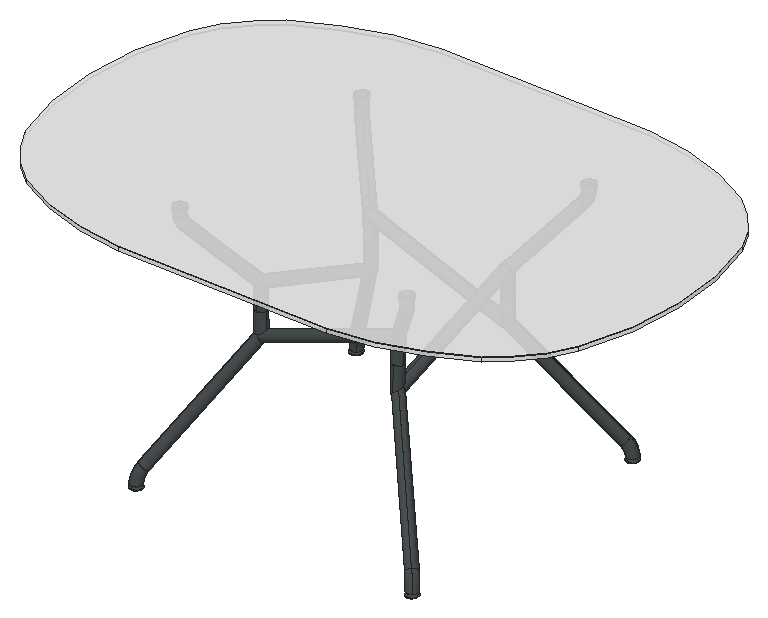
Revit family "Haworth_Branch_Table_Rectangle", category Furniture, Revit 2018
Family settings
  OmniClass Number = 23.40.70.14.64.21
  OmniClass Title = Systems Furniture
  Work Plane-Based = No
  Always vertical = Yes
  Cut with Voids When Loaded = No
  Shared = No
  Room Calculation Point = No
Parameters (values of type "HCCE-BRRG - 47d 67w")
  Warranty = "http://www.haworth.com/resources/product-info/warranties"
  URL - Product = "https://www.haworth.com/na/en/products/collaborative-conference/branch.html"
  Top Finish [instance] = Haworth _ Glass _ Frosted
  Model = "HCCE-BRRG"
  URL = "http://www.haworth.com/our-brands/haworth-collection"
  Size = "Verify Final Dim. w/ Haworth"  # constant formula
  Revision Number = "4"  # constant formula
  Standard Height = "29 in."  # constant formula
  Manufacturer = "Haworth"  # constant formula
  Description = "Haworth Branch Table Rectangle - 47d 67w"
  Base Finish [instance] = Haworth _ Paint _ Collection Anthracite
  Author = "Haworth (Hampton)"  # constant formula
  Assembly Code = "E2020200"
  Actual Width = 67"  # constant formula
  Actual Height = 28 1/2"  # constant formula
  Table Thickness = 1/2"  # constant formula
  Actual Depth = 47"  # constant formula
Reference planes (in)
  plane 1 "Center F/B": y = -0.15866
  plane 2 "Floor": z = 0
  plane 3 "Center L/R": x = 0
  plane 4 "Table Edge Left": x = -33.5
  plane 5 "Table Edge Right": x = 33.5
  plane 6 "Table Edge Back": y = -23.65866
  plane 7 "Table Edge Front": y = 23.34134
  plane 8 "Table Bottom": z = 28.5
  plane 9 "Table Top Top": z = 29
Forms (in)
  Extrusion 1, solid, material "Haworth _ Glass _ Frosted" <- "Top Finish"
    sketch origin (0, 0, 0) x (1, 0, 0) y (0, 1, 0)
      loop
        arc (11.84687, 22.8563) -> (-0.00018, 23.46339) -> (-11.84723, 22.85628) r 115.89617
        arc (-11.84723, 22.85628) -> (-19.1374, 21.46479) -> (-25.86547, 18.33179) r 30.10011
        arc (-25.86547, 18.33179) -> (-29.14411, 15.30417) -> (-31.45541, 11.48661) r 15.94674
        arc (-31.45541, 11.48661) -> (-33.49849, -0.15866) -> (-31.45541, -11.80393) r 34.20985
        arc (-31.45541, -11.80393) -> (-29.14411, -15.62149) -> (-25.86547, -18.64911) r 15.94674
        arc (-25.86547, -18.64911) -> (-19.1374, -21.78211) -> (-11.84723, -23.1736) r 30.10011
        arc (-11.84723, -23.1736) -> (0, -23.78071) -> (11.84723, -23.1736) r 115.89745
        arc (11.84723, -23.1736) -> (19.1374, -21.78211) -> (25.86547, -18.64911) r 30.10011
        arc (25.86547, -18.64911) -> (29.14411, -15.62149) -> (31.45541, -11.80393) r 15.94674
        arc (31.45541, -11.80393) -> (33.49849, -0.15866) -> (31.45541, 11.48661) r 34.20985
        arc (31.45541, 11.48661) -> (29.14411, 15.30417) -> (25.86547, 18.33179) r 15.94674
        arc (25.86547, 18.33179) -> (19.13723, 21.46485) -> (11.84687, 22.8563) r 30.10011
    from 28.5 to 29
Lines and regions (in)
  Masking region 1
    outline origin (0, 0, 0) x (1, 0, 0) y (0, 1, 0)
      loop
        arc (25.86547, 18.33179) -> (19.13723, 21.46485) -> (11.84687, 22.8563) r 30.10011
        arc (11.84687, 22.8563) -> (-0.00018, 23.46339) -> (-11.84723, 22.85628) r 115.89617
        arc (-11.84723, 22.85628) -> (-19.1374, 21.46479) -> (-25.86547, 18.33179) r 30.10011
        arc (-25.86547, 18.33179) -> (-29.14411, 15.30417) -> (-31.45541, 11.48661) r 15.94674
        arc (-31.45541, 11.48661) -> (-33.49849, -0.15866) -> (-31.45541, -11.80393) r 34.20985
        arc (-31.45541, -11.80393) -> (-29.14411, -15.62149) -> (-25.86547, -18.64911) r 15.94674
        arc (-25.86547, -18.64911) -> (-19.1374, -21.78211) -> (-11.84723, -23.1736) r 30.10011
        arc (-11.84723, -23.1736) -> (0, -23.78071) -> (11.84723, -23.1736) r 115.89745
        arc (11.84723, -23.1736) -> (19.1374, -21.78211) -> (25.86547, -18.64911) r 30.10011
        arc (25.86547, -18.64911) -> (29.14411, -15.62149) -> (31.45541, -11.80393) r 15.94674
        arc (31.45541, -11.80393) -> (33.49849, -0.15866) -> (31.45541, 11.48661) r 34.20985
        arc (31.45541, 11.48661) -> (29.14411, 15.30417) -> (25.86547, 18.33179) r 15.94674
Dimensions and locks (in)
  "Actual Depth": plane 7 "Table Edge Front" to plane 6 "Table Edge Back"
  "Actual Width": plane 4 "Table Edge Left" to plane 5 "Table Edge Right"
  equal spacing: plane 4 "Table Edge Left", plane 3 "Center L/R", plane 5 "Table Edge Right"
  equal spacing: plane 7 "Table Edge Front", plane 1 "Center F/B", plane 6 "Table Edge Back"
  "Actual Height": plane 8 "Table Bottom" to level
  "Table Thickness": plane 9 "Table Top Top" to plane 8 "Table Bottom"
  aligned and locked: plane 3 "Center L/R" to nested 1
  aligned and locked: plane 1 "Center F/B" to nested 1
  aligned and locked: plane 9 "Table Top Top" to Extrusion 1
  aligned and locked: plane 8 "Table Bottom" to Extrusion 1
Automatic sketch dimensions
  Extrusion 1 sketch curve to plane 7 "Table Edge Front" = 0.48506"
  Extrusion 1 sketch curve to plane 3 "Center L/R" = 11.84723"  (x2)
  Extrusion 1 sketch curve to plane 3 "Center L/R" = 0.00007"
  plane 3 "Center L/R" to Extrusion 1 sketch curve = 9.892"
  Extrusion 1 sketch curve to plane 7 "Table Edge Front" = 0.48504"
  Extrusion 1 sketch curve to plane 7 "Table Edge Front" = 5.00955"  (x2)
  Extrusion 1 sketch curve to Extrusion 1 sketch curve = 14.0186"
  Extrusion 1 sketch curve to plane 6 "Table Edge Back" = 68.77412"
  Extrusion 1 sketch curve to plane 1 "Center F/B" = 5.37628"  (x2)
  Extrusion 1 sketch curve to Extrusion 1 sketch curve = 6.90059"  (x4)
  Extrusion 1 sketch curve to plane 5 "Table Edge Right" = 2.04459"  (x2)
  Extrusion 1 sketch curve to plane 1 "Center F/B" = 0"  (x2)
  Extrusion 1 sketch curve to plane 3 "Center L/R" = 0.71136"
  plane 6 "Table Edge Back" to Extrusion 1 sketch curve = 5.00955"
  Extrusion 1 sketch curve to plane 5 "Table Edge Right" = 7.63453"
  plane 6 "Table Edge Back" to Extrusion 1 sketch curve = 0.48506"
  plane 3 "Center L/R" to Extrusion 1 sketch curve = 11.84723"
  plane 3 "Center L/R" to Extrusion 1 sketch curve = 0"
  plane 7 "Table Edge Front" to Extrusion 1 sketch curve = 68.7754"
  plane 4 "Table Edge Left" to Extrusion 1 sketch curve = 7.63453"  (x2)
  Extrusion 1 sketch curve to plane 3 "Center L/R" = 9.892"
  Extrusion 1 sketch curve to Extrusion 1 sketch curve = 4.52449"
  plane 4 "Table Edge Left" to Extrusion 1 sketch curve = 2.04459"  (x2)
  plane 1 "Center F/B" to Extrusion 1 sketch curve = 5.37628"
  plane 3 "Center L/R" to Extrusion 1 sketch curve = 0.71136"
  plane 1 "Center F/B" to Extrusion 1 sketch curve = 7.0216"
  plane 3 "Center L/R" to Masking region 1 sketch curve = 9.89199"
  Masking region 1 sketch curve to plane 7 "Table Edge Front" = 0.48504"
  plane 3 "Center L/R" to Masking region 1 sketch curve = 11.84687"
  Masking region 1 sketch curve to plane 1 "Center F/B" = 5.37628"  (x2)
  Masking region 1 sketch curve to Masking region 1 sketch curve = 6.90059"  (x4)
  Masking region 1 sketch curve to plane 7 "Table Edge Front" = 5.00955"  (x2)
  Masking region 1 sketch curve to Masking region 1 sketch curve = 14.0186"
  Masking region 1 sketch curve to plane 5 "Table Edge Right" = 2.04459"  (x2)
  plane 1 "Center F/B" to Masking region 1 sketch curve = 0"  (x2)
  Masking region 1 sketch curve to plane 3 "Center L/R" = 0.71136"
  plane 6 "Table Edge Back" to Masking region 1 sketch curve = 5.00955"
  Masking region 1 sketch curve to plane 5 "Table Edge Right" = 7.63453"
  plane 6 "Table Edge Back" to Masking region 1 sketch curve = 0.48506"
  plane 3 "Center L/R" to Masking region 1 sketch curve = 11.84723"
  Masking region 1 sketch curve to plane 3 "Center L/R" = 11.84723"  (x2)
  Masking region 1 sketch curve to plane 3 "Center L/R" = 0"
  plane 7 "Table Edge Front" to Masking region 1 sketch curve = 68.7754"
  plane 4 "Table Edge Left" to Masking region 1 sketch curve = 7.63453"  (x2)
  Masking region 1 sketch curve to plane 3 "Center L/R" = 9.892"
  Masking region 1 sketch curve to Masking region 1 sketch curve = 4.52449"
  plane 4 "Table Edge Left" to Masking region 1 sketch curve = 2.04459"  (x2)
  plane 1 "Center F/B" to Masking region 1 sketch curve = 5.37628"
  plane 3 "Center L/R" to Masking region 1 sketch curve = 0.71136"
  Masking region 1 sketch curve to plane 7 "Table Edge Front" = 0.48506"
  plane 1 "Center F/B" to Masking region 1 sketch curve = 7.0216"
  Masking region 1 sketch curve to plane 6 "Table Edge Back" = 68.77412"
Nested families (in)
  nested 1: "Haworth_Branch-Table-Leg4-Part" at (0, 0, 0), type "Base"
Definition of nested family "Haworth_Branch-Table-Leg4-Part"
  Parameters
    Warranty = "http://haworthcollection.com/hc/about-us/certifications-warranties"
    Sustainability Info = "www.haworth.com/en-us/About-Us/Sustainability/Pages/Vision.aspx"
    Support Location Offset = 7 203/256"  # constant formula
    Support Finish = none
    Product Page URL = "http://haworthcollection.com/hc/products/tables-conference/branch"
    Model = "Haworth_Branch-Table-Leg4-Part"  # constant formula
    URL = "http://haworthcollection.com/"
    Support Height = 28 1/2"  # constant formula
    Size = "Verify Final Dim. w/ Haworth"  # constant formula
    Revision Number = "1"  # constant formula
    Manufacturer = "Haworth"  # constant formula
    Description = "Haworth_Branch-Table-Leg4-Part"
    Author = "Haworth (Hampton)"  # constant formula
    Assembly Code = "E2020200"
    Actual Width = 63"  # constant formula
    Actual Height = 28 3/4"  # constant formula
    Actual Depth = Actual Width  # 63"
  Reference planes (in)
    plane 1 "Center F/B": y = -0.15866
    plane 2 "Floor": z = 0
    plane 3 "Center L/R": x = 0
    plane 4 "Table Edge Left": x = -31.5
    plane 5 "Table Edge Right": x = 31.5
    plane 6 "Table Edge Back": y = -31.61893
    plane 7 "Table Edge Front": y = 31.38107
    plane 8 "Table Bottom": z = 28.75
    plane 9 "Diagonal LR": through (0, -0.15866, 48) normal (-0.7071, 0.7071, 0)
    plane 10 "Diagonal RL": through (0, -0.15866, 48) normal (-0.7071, -0.7071, 0)
    plane 11 "Support Back": y = 7.63431
    plane 12 "Support Front": y = -7.95163
    plane 13 "Support Left": x = -7.79297
    plane 14 "Support Right": x = 7.79297
  Dimensions and locks (in)
    "Actual Depth": plane 7 "Table Edge Front" to plane 6 "Table Edge Back"
    "Actual Width": plane 4 "Table Edge Left" to plane 5 "Table Edge Right"
    equal spacing: plane 4 "Table Edge Left", plane 3 "Center L/R", plane 5 "Table Edge Right"
    plane 7 "Table Edge Front" to plane 1 "Center F/B" to plane 6 "Table Edge Back" = 31.53973", 31.46027"
    "Actual Height": plane 8 "Table Bottom" to level
    "Support Location Offset": plane 13 "Support Left" to plane 3 "Center L/R"
    "Support Location Offset": plane 3 "Center L/R" to plane 14 "Support Right"
    "Support Location Offset": plane 11 "Support Back" to plane 1 "Center F/B"
    "Support Location Offset": plane 12 "Support Front" to plane 1 "Center F/B"
    aligned and locked: nested 1 to plane 14 "Support Right"
    aligned and locked: nested 2 to plane 12 "Support Front"
    aligned and locked: nested 2 to plane 14 "Support Right"
    aligned and locked: plane 14 "Support Right" to nested 3
    aligned and locked: plane 11 "Support Back" to nested 3
    aligned and locked: nested 4 to plane 13 "Support Left"
    aligned and locked: plane 12 "Support Front" to nested 4
  Nested families (in)
    nested 1: "Haworth_Branch-Table-Leg-Part" at (-7.79231, -7.79297, 0), type "Haworth_Branch-Table-Leg-Part"
    nested 2: "Haworth_Branch-Table-Leg-Part" at (7.63431, -7.95163, 0) x (0, 1, 0) z (0, 0, 1), type "Haworth_Branch-Table-Leg-Part"
    nested 3: "Haworth_Branch-Table-Leg-Part" at (7.79297, 7.47565, 0) x (-1, 0, 0) z (0, 0, 1), type "Haworth_Branch-Table-Leg-Part"
    nested 4: "Haworth_Branch-Table-Leg-Part" at (-7.63431, 7.63365, 0) x (0, -1, 0) z (0, 0, 1), type "Haworth_Branch-Table-Leg-Part"
  Definition of nested family "Haworth_Branch-Table-Leg-Part"
    Parameters
      Warranty = "http://haworthcollection.com/hc/about-us/certifications-warranties"
      Support Location_Front_Back = 2 25/32"  # constant formula
      Support Location Offset = 5 3/4"  # constant formula
      Support Finish = none
      Model = "Haworth_Branch-Table-Leg-Part"  # constant formula
      URL = "http://haworthcollection.com/"
      Support Height = 17 59/128"  # constant formula
      Size = "Verify Final Dim. w/ Haworth"  # constant formula
      Revision Number = "1"  # constant formula
      Standard Height = "29 in."  # constant formula
      Manufacturer = "Haworth"  # constant formula
      Description = "Haworth_Branch-Table-Leg-Part"
      Author = "Haworth (Hampton)"  # constant formula
      Assembly Code = "E2020200"
      Actual Width = 28 39/64"  # constant formula
      Actual Height = 28 129/256"  # constant formula
      Actual Depth = 7 119/128"  # constant formula
    Reference planes (in)
      plane 1 "Center F/B": y = -0.15866
      plane 2 "Floor": z = 0
      plane 3 "Support Left Middle": x = 0
      plane 4 "Left Bottom": y = -8.08835
      plane 5 "Right Bottom": y = -5.3071
      plane 6 "Support Right Middle": x = 15.58527
      plane 7 "Table Top Bottom": z = 28.50391
      plane 8 "Support Middle Attach": z = 17.46094
      plane 9 "Support Left Bottom": x = -7.88227
      plane 10 "Support Right Top": x = 20.7271
      plane 11 "Bottom Angel": through (0, -0.15866, 48) normal (0.7092, -0.705, 0)
      plane 12 "Top Angel": through (15.58527, -0.15866, 48) normal (0.7076, 0.7067, 0)
      plane 13 "Support Left Middle Bottom": z = 14.40936
      plane 14 "Support Right Middle Top": z = 20.4749
    Forms (in)
      Revolve 1, solid, material <- "Support Finish"
        sketch origin (-7.88227, 0, 0) x (0, 1, 0) y (0, 0, 1)
          loop
            line (-8.08835, 0) -> (-8.08835, 0.39369) -> (-8.58706, 0.39369) -> (-8.63046, 0.3633) -> (-8.76782, 0.02333) -> (-8.74449, 0) -> (-8.08835, 0)
          axis (-8.08835, 0.39369) -> (-8.08835, 0)
        angle from 0 to 360
      Revolve 2, solid, material <- "Support Finish"
        sketch origin (20.7271, 0, 0) x (0, 1, 0) y (0, 0, 1)
          loop
            line (-5.3071, 28.50391) -> (-5.96353, 28.50391) -> (-6.02112, 28.44632) -> (-5.94538, 27.58054) -> (-5.92842, 27.55116) -> (-5.3071, 27.55116) -> (-5.3071, 28.50391)
          axis (-5.3071, 28.50391) -> (-5.3071, 27.55116)
        angle from 0 to 360
      Sweep 3, solid, material <- "Support Finish"
        path origin (0.07933, -0.07885, 0) x (0.704983, 0.709224, 0) y (0, 0, 1)
          loop
            line (0.02251, 14.92599) -> (-10.59575, 2.11742)
            arc (-10.59575, 2.11742) -> (-11.07813, 1.30963) -> (-11.29321, 0.39369) r 3.06996
        profile origin (-3.64765, -3.82825, 8.5217) x (0.542739, 0.546004, -0.638212) y (0.709224, -0.704983, 0)
          loop
            circle (0, 0) r 0.625
      Sweep 4, solid, material <- "Support Finish"
        path origin (7.72322, 7.7134, 0) x (-0.706657, 0.707556, 0) y (0, 0, 1)
          loop
            line (-11.10701, 20.16514) -> (-17.92049, 26.51881)
            arc (-17.92049, 26.51881) -> (-18.25938, 26.98819) -> (-18.3944, 27.55116) r 1.49411
        profile origin (17.97946, -2.55589, 23.34197) x (0.481939, -0.482552, -0.731354) y (0.707556, 0.706657, 0)
          loop
            circle (0, 0) r 0.625
      Sweep 5, solid, material <- "Support Finish"
        path origin (0, -0.15866, 0) x (1, 0, 0) y (0, 0, 1)
          loop
            line (0.11904, 14.74789) -> (15.89148, 20.38637)
        profile origin (8.00526, -0.15866, 17.56713) x (-0.336626, 0, 0.941638) y (0, -1, 0)
          loop
            circle (0, 0) r 0.625
      Blend 6, solid, material <- "Support Finish"
        base sketch origin (0, 0, 14.40936) x (-1, 0, 0) y (0, -1, 0)
          loop
            spline (0.75, 0.15866) -> (0.72444, 0.28807) -> (0.64952, 0.40866) -> (0.53033, 0.51221) -> (0.375, 0.59167) -> (0.19411, 0.64162) -> (0, 0.65866) -> (-0.19411, 0.64162) -> (-0.375, 0.59167) -> (-0.53033, 0.51221) -> (-0.64952, 0.40866) -> (-0.72444, 0.28807) -> (-0.75, 0.15866)
            spline (-0.75, 0.15866) -> (-0.72444, 0.02925) -> (-0.64952, -0.09134) -> (-0.53033, -0.19489) -> (-0.375, -0.27435) -> (-0.19411, -0.3243) -> (0, -0.34134) -> (0.19411, -0.3243) -> (0.375, -0.27435) -> (0.53033, -0.19489) -> (0.64952, -0.09134) -> (0.72444, 0.02925) -> (0.75, 0.15866)
        top sketch origin (0, 0, 14.40936) x (-1, 0, 0) y (0, -1, 0)
          loop
            circle (0, 0.15866) r 0.625
        from 0 to 3.05157
      Blend 7, solid, material <- "Support Finish"
        base sketch origin (0, 0, 0) x (1, 0, 0) y (0, 1, 0)
          loop
            circle (15.58527, -0.15866) r 0.625
        top sketch origin (0, 0, 0) x (1, 0, 0) y (0, 1, 0)
          loop
            spline (16.33527, -0.15866) -> (16.30972, -0.02925) -> (16.23479, 0.09134) -> (16.1156, 0.19489) -> (15.96027, 0.27435) -> (15.77939, 0.3243) -> (15.58527, 0.34134) -> (15.39116, 0.3243) -> (15.21027, 0.27435) -> (15.05494, 0.19489) -> (14.93576, 0.09134) -> (14.86083, -0.02925) -> (14.83527, -0.15866)
            spline (14.83527, -0.15866) -> (14.86083, -0.28807) -> (14.93576, -0.40866) -> (15.05494, -0.51221) -> (15.21027, -0.59167) -> (15.39116, -0.64162) -> (15.58527, -0.65866) -> (15.77939, -0.64162) -> (15.96027, -0.59167) -> (16.1156, -0.51221) -> (16.23479, -0.40866) -> (16.30972, -0.28807) -> (16.33527, -0.15866)
        from 17.46094 to 20.4749
    Cuts and joins
      joined: Sweep 3, Sweep 4, Sweep 5, Blend 6, Blend 7
    Lines and regions (in)
      symbolic lines, detail levels medium+fine
        curve 1: spline (-8.32151, -8.53023, 14.40936) -> (-8.42127, -8.40113, 14.40936) -> (-8.48429, -8.25071, 14.40936) -> (-8.50628, -8.08922, 14.40936) -> (-8.48573, -7.92767, 14.40936) -> (-8.42406, -7.77706, 14.40936) -> (-8.32546, -7.64766, 14.40936) -> (-8.19666, -7.54828, 14.40936) -> (-8.04642, -7.48571, 14.40936) -> (-7.88499, -7.4642, 14.40936) -> (-7.72337, -7.48522, 14.40936) -> (-7.57258, -7.54733, 14.40936) -> (-7.44288, -7.64631, 14.40936)
        curve 2: spline (-7.44288, -7.64631, 14.40936) -> (-7.34313, -7.77541, 14.40936) -> (-7.28011, -7.92583, 14.40936) -> (-7.25812, -8.08732, 14.40936) -> (-7.27866, -8.24888, 14.40936) -> (-7.34033, -8.39949, 14.40936) -> (-7.43893, -8.52889, 14.40936) -> (-7.56774, -8.62826, 14.40936) -> (-7.71798, -8.69083, 14.40936) -> (-7.8794, -8.71234, 14.40936) -> (-8.04102, -8.69133, 14.40936) -> (-8.19182, -8.62921, 14.40936) -> (-8.32151, -8.53023, 14.40936)
        curve 3: arc (0.625, -0.15866, 14.40936) -> (0, 0.46634, 14.40936) -> (-0.625, -0.15866, 14.40936) r 0.625
        curve 4: arc (-0.625, -0.15866, 14.40936) -> (0, -0.78366, 14.40936) -> (0.625, -0.15866, 14.40936) r 0.625
        curve 5: arc (14.96027, -0.15866, 14.40936) -> (15.58527, 0.46634, 14.40936) -> (16.21027, -0.15866, 14.40936) r 0.625
        curve 6: arc (16.21027, -0.15866, 14.40936) -> (15.58527, -0.78366, 14.40936) -> (14.96027, -0.15866, 14.40936) r 0.625
        curve 7: arc (20.7271, -5.96353, 14.40936) -> (20.07067, -5.3071, 14.40936) -> (20.7271, -4.65066, 14.40936) r 0.65644
        curve 8: arc (20.7271, -4.65066, 14.40936) -> (21.38354, -5.3071, 14.40936) -> (20.7271, -5.96353, 14.40936) r 0.65644
        curve 9: line (20.2769, -5.78483, 14.40936) -> (15.13701, -0.59419, 14.40936)
        curve 10: line (16.06474, 0.24227, 14.40936) -> (21.21735, -4.87056, 14.40936)
        curve 11: line (15.58527, 0.46634, 14.40936) -> (0, 0.46634, 14.40936)
        curve 12: line (0, -0.78366, 14.40936) -> (15.58527, -0.78366, 14.40936)
        curve 13: line (0.45145, -0.59088, 14.40936) -> (-7.46803, -8.55361, 14.40936)
        curve 14: line (-8.32541, -7.6476, 14.40936) -> (-0.41238, 0.31099, 14.40936)
    Dimensions and locks (in)
      "Actual Depth": plane 1 "Center F/B" to plane 4 "Left Bottom"
      "Support Location_Front_Back": plane 5 "Right Bottom" to plane 4 "Left Bottom"
      "Support Height": plane 8 "Support Middle Attach" to level
      "Actual Height": plane 7 "Table Top Bottom" to level
      "Actual Width": plane 10 "Support Right Top" to plane 9 "Support Left Bottom"
      Blend 7 sketch curve to Blend 7 sketch curve = 3/4"
      radius of Blend 6 sketch curve = 5/8"
      aligned and locked: Revolve 1 sketch curve to plane 4 "Left Bottom"
      aligned and locked: Revolve 2 sketch curve to plane 5 "Right Bottom"
      aligned and locked: plane 8 "Support Middle Attach" to Blend 6
      aligned and locked: Blend 6 to plane 13 "Support Left Middle Bottom"
      aligned and locked: Blend 7 to plane 14 "Support Right Middle Top"
      aligned and locked: Blend 7 to plane 8 "Support Middle Attach"
    Automatic sketch dimensions
      Revolve 1 sketch curve to level = 0"
      Revolve 1 sketch curve to plane 4 "Left Bottom" = 0"
      Revolve 1 sketch curve to Revolve 1 sketch curve = 0.49871"
      Revolve 1 sketch curve to Revolve 1 sketch curve = 0.0434"
      Revolve 1 sketch curve to Revolve 1 sketch curve = 0.11403"
      level to Revolve 1 sketch curve = 0.02333"
      Revolve 1 sketch curve to Revolve 1 sketch curve = 0.02333"
      Revolve 1 sketch curve to level = 12"
      level to Revolve 1 sketch curve = 0.3633"
      Revolve 1 sketch curve to Revolve 1 sketch curve = 0.39369"
      plane 7 "Table Top Bottom" to Revolve 1 sketch curve = 67 127/256"
      Revolve 2 sketch curve to plane 5 "Right Bottom" = 0"
      Revolve 2 sketch curve to plane 7 "Table Top Bottom" = 0"
      Revolve 2 sketch curve to Revolve 2 sketch curve = 0.62132"
      Revolve 2 sketch curve to Revolve 2 sketch curve = 0.01696"
      Revolve 2 sketch curve to Revolve 2 sketch curve = 0.65644"
      Revolve 2 sketch curve to plane 7 "Table Top Bottom" = 0.05759"
      Revolve 2 sketch curve to Revolve 2 sketch curve = 0.05759"
      Revolve 2 sketch curve to Revolve 2 sketch curve = 0.86577"
      Revolve 2 sketch curve to Revolve 2 sketch curve = 0.02938"
      Revolve 2 sketch curve to level = 12"
      Revolve 2 sketch curve to Revolve 2 sketch curve = 67 127/256"
      level to Sweep 3 sketch curve = 0.39369"
      Sweep 3 sketch curve to Sweep 3 sketch curve = 0.69747"
      level to Sweep 3 sketch curve = 2.11742"
      level to Sweep 3 sketch curve = 0.15813"
      Sweep 3 sketch curve to plane 8 "Support Middle Attach" = 2.53495"
      Sweep 3 sketch curve to Sweep 3 sketch curve = 10.61825"
      Sweep 3 sketch curve to plane 11 "Bottom Angel" = 0"
      Sweep 3 sketch curve to profile plane = 0"
      Sweep 4 sketch curve to plane 7 "Table Top Bottom" = 0.95274"
      Sweep 4 sketch curve to Sweep 4 sketch curve = 0.47391"
      Sweep 4 sketch curve to plane 7 "Table Top Bottom" = 1.9851"
      Sweep 4 sketch curve to Sweep 4 sketch curve = 1.01898"
      plane 8 "Support Middle Attach" to Sweep 4 sketch curve = 2.7042"
      Sweep 4 sketch curve to Sweep 4 sketch curve = 6.81347"
      Sweep 4 sketch curve to plane 12 "Top Angel" = 0"
      Sweep 4 sketch curve to profile plane = 0"
      plane 1 "Center F/B" to Sweep 5 sketch curve = 0"
      Sweep 5 sketch curve to profile plane = 0"
      plane 3 "Support Left Middle" to Sweep 5 sketch curve = 0.11904"
      plane 6 "Support Right Middle" to Sweep 5 sketch curve = 0.30621"
      Sweep 5 sketch curve to plane 8 "Support Middle Attach" = 2.71305"
      plane 8 "Support Middle Attach" to Sweep 5 sketch curve = 2.92544"
      plane 1 "Center F/B" to Blend 6 sketch curve = 0"  (x2)
      Blend 6 sketch curve to plane 3 "Support Left Middle" = 0"  (x2)
      Blend 6 sketch curve to Blend 6 sketch curve = 3/4"
      plane 1 "Center F/B" to Blend 7 sketch curve = 0"  (x2)
      Blend 7 sketch curve to plane 6 "Support Right Middle" = 0"  (x2)
      curve 7 to plane 5 "Right Bottom" = 0"
      curve 7 to plane 10 "Support Right Top" = 0"
      plane 1 "Center F/B" to curve 6 = 0"
      curve 12 to plane 6 "Support Right Middle" = 0"
      curve 6 to plane 6 "Support Right Middle" = 0"
      curve 11 to plane 6 "Support Right Middle" = 0"
      curve 11 to plane 3 "Support Left Middle" = 0"
      curve 12 to plane 3 "Support Left Middle" = 0"
      curve 3 to plane 3 "Support Left Middle" = 0"
      plane 11 "Bottom Angel" to curve 1 = 0"
      plane 10 "Support Right Top" to curve 10 = 0.49025"
      curve 9 to plane 10 "Support Right Top" = 0.4502"
      curve 10 to plane 1 "Center F/B" = 0.40092"
      plane 1 "Center F/B" to curve 9 = 0.43553"
      plane 1 "Center F/B" to curve 13 = 0.43222"
      curve 14 to plane 3 "Support Left Middle" = 0.41238"
      plane 9 "Support Left Bottom" to curve 1 = 0.43939"
      plane 9 "Support Left Bottom" to curve 13 = 0.41424"
      plane 9 "Support Left Bottom" to curve 2 = 0.00007"
      curve 14 to plane 9 "Support Left Bottom" = 0.44313"
      curve 14 to curve 1 = 0.00006"
      curve 2 to curve 1 = 0"
      curve 11 to curve 14 = 0.15536"
      plane 5 "Right Bottom" to curve 8 = 0.65644"
      curve 13 to plane 4 "Left Bottom" = 0.46527"
      radius of Sweep 3 sketch curve = 5/8"
      radius of Sweep 4 sketch curve = 5/8"
      radius of Sweep 5 sketch curve = 5/8"
      radius of Blend 7 sketch curve = 5/8"
